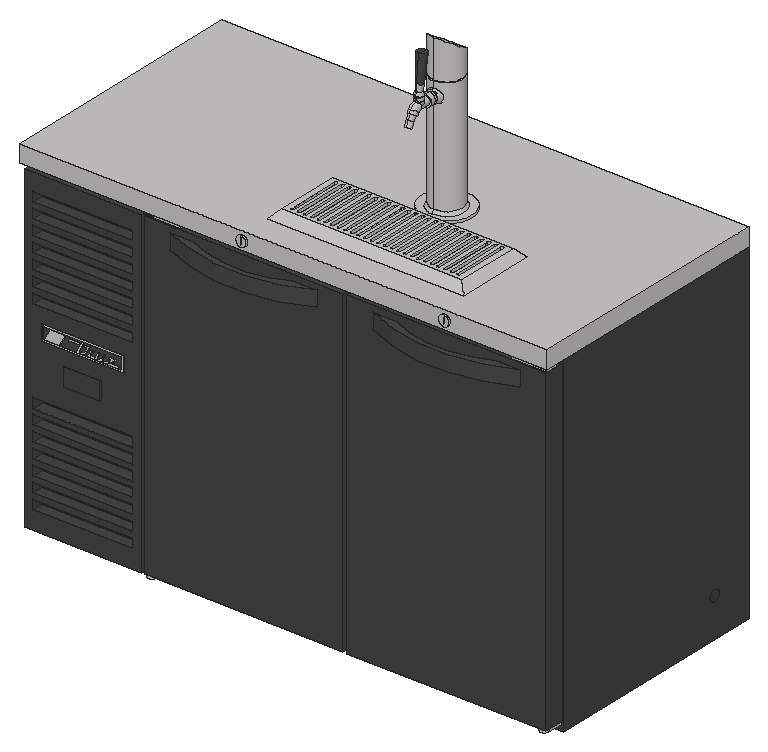
Revit family "QF_TRUE_TDR52-RISZ1-L-B-SS-1", category Specialty Equipment, Revit 2016 (continued)
Definition of nested family "TDR52-RISZ1-L-B-SS-1"
  Lines and regions (in)
    symbolic lines
      curve 109: arc (33.13847, -20.907, 0) -> (32.9666, -21.07887, 0) -> (32.79472, -20.907, 0) r 0.17187
      curve 110: line (33.45097, -20.907, 0) -> (33.45097, -15.64166, 0)
      curve 111: arc (33.45097, -15.64166, 0) -> (33.62285, -15.46978, 0) -> (33.79472, -15.64166, 0) r 0.17187
      curve 112: line (33.79472, -15.64166, 0) -> (33.79472, -20.907, 0)
      curve 113: arc (33.79472, -20.907, 0) -> (33.62285, -21.07887, 0) -> (33.45097, -20.907, 0) r 0.17187
      curve 114: line (34.10722, -20.907, 0) -> (34.10722, -15.64166, 0)
      curve 115: arc (34.10722, -15.64166, 0) -> (34.2791, -15.46978, 0) -> (34.45097, -15.64166, 0) r 0.17187
      curve 116: line (34.45097, -15.64166, 0) -> (34.45097, -20.907, 0)
      curve 117: arc (34.45097, -20.907, 0) -> (34.2791, -21.07887, 0) -> (34.10722, -20.907, 0) r 0.17187
      curve 118: line (34.76347, -20.907, 0) -> (34.76347, -15.64166, 0)
      curve 119: arc (34.76347, -15.64166, 0) -> (34.93535, -15.46978, 0) -> (35.10722, -15.64166, 0) r 0.17187
      curve 120: line (35.10722, -15.64166, 0) -> (35.10722, -20.907, 0)
      curve 121: arc (35.10722, -20.907, 0) -> (34.93535, -21.07887, 0) -> (34.76347, -20.907, 0) r 0.17187
      curve 122: line (35.76347, -15.64166, 0) -> (35.76347, -20.907, 0)
      curve 123: arc (35.76347, -20.907, 0) -> (35.5916, -21.07887, 0) -> (35.41972, -20.907, 0) r 0.17187
      curve 124: line (35.41972, -20.907, 0) -> (35.41972, -15.64166, 0)
      curve 125: arc (35.41972, -15.64166, 0) -> (35.5916, -15.46978, 0) -> (35.76347, -15.64166, 0) r 0.17187
      curve 126: line (36.07597, -15.64166, 0) -> (36.07597, -20.907, 0)
      curve 127: arc (36.07597, -20.907, 0) -> (36.24785, -21.07887, 0) -> (36.41972, -20.907, 0) r 0.17187
      curve 128: line (36.41972, -20.907, 0) -> (36.41972, -15.64166, 0)
      curve 129: arc (36.41972, -15.64166, 0) -> (36.24785, -15.46978, 0) -> (36.07597, -15.64166, 0) r 0.17187
      curve 130: line (36.73222, -20.907, 0) -> (36.73222, -15.64166, 0)
      curve 131: arc (36.73222, -15.64166, 0) -> (36.9041, -15.46978, 0) -> (37.07597, -15.64166, 0) r 0.17187
      curve 132: line (37.07597, -15.64166, 0) -> (37.07597, -20.907, 0)
      curve 133: arc (37.07597, -20.907, 0) -> (36.9041, -21.07887, 0) -> (36.73222, -20.907, 0) r 0.17187
      curve 134: line (37.38847, -20.907, 0) -> (37.38847, -15.64166, 0)
      curve 135: arc (37.38847, -15.64166, 0) -> (37.56035, -15.46978, 0) -> (37.73222, -15.64166, 0) r 0.17187
      curve 136: line (37.73222, -15.64166, 0) -> (37.73222, -20.907, 0)
      curve 137: arc (37.73222, -20.907, 0) -> (37.56035, -21.07887, 0) -> (37.38847, -20.907, 0) r 0.17187
      curve 138: line (38.04472, -20.907, 0) -> (38.04472, -15.64166, 0)
      curve 139: arc (38.04472, -15.64166, 0) -> (38.2166, -15.46978, 0) -> (38.38847, -15.64166, 0) r 0.17187
      curve 140: line (38.38847, -15.64166, 0) -> (38.38847, -20.907, 0)
      curve 141: arc (38.38847, -20.907, 0) -> (38.2166, -21.07887, 0) -> (38.04472, -20.907, 0) r 0.17187
      curve 142: line (38.70097, -20.907, 0) -> (38.70097, -15.64166, 0)
      curve 143: arc (38.70097, -15.64166, 0) -> (38.87285, -15.46978, 0) -> (39.04472, -15.64166, 0) r 0.17187
      curve 144: line (39.04472, -15.64166, 0) -> (39.04472, -20.907, 0)
      curve 145: arc (39.04472, -20.907, 0) -> (38.87285, -21.07887, 0) -> (38.70097, -20.907, 0) r 0.17187
      curve 146: line (39.70097, -15.64166, 0) -> (39.70097, -20.907, 0)
      curve 147: arc (39.70097, -20.907, 0) -> (39.5291, -21.07887, 0) -> (39.35722, -20.907, 0) r 0.17187
      curve 148: line (39.35722, -20.907, 0) -> (39.35722, -15.64166, 0)
      curve 149: arc (39.35722, -15.64166, 0) -> (39.5291, -15.46978, 0) -> (39.70097, -15.64166, 0) r 0.17187
      curve 150: line (40.01347, -15.64166, 0) -> (40.01347, -20.907, 0)
      curve 151: arc (40.01347, -20.907, 0) -> (40.18535, -21.07887, 0) -> (40.35722, -20.907, 0) r 0.17187
      curve 152: line (40.35722, -20.907, 0) -> (40.35722, -15.64166, 0)
      curve 153: arc (40.35722, -15.64166, 0) -> (40.18535, -15.46978, 0) -> (40.01347, -15.64166, 0) r 0.17187
      curve 154: line (22.34983, -22.2153, 0) -> (41.65017, -22.2153, 0)
      curve 155: line (31.61004, -14.80115, 0) -> (31.61004, -15.01934, 0)
      curve 156: line (32.38996, -14.80115, 0) -> (32.38996, -15.01934, 0)
    symbolic lines, not visible
      curve 157: circle (20.96875, -12.11522, 0) r 1.55031 normal (0, 0, 1)
      curve 158: arc (21.61223, -13.73606, 0) -> (20.96875, -10.37132, 0) -> (20.32527, -13.73606, 0) r 1.7439
      curve 159: arc (21.5436, -14.54197, 0) -> (20.96875, -9.62132, 0) -> (20.3939, -14.54197, 0) r 2.4939
      curve 160: line (20.38021, -13.94112, 0) -> (21.55729, -13.94112, 0)
      curve 161: line (21.55729, -13.94112, 0) -> (21.67702, -13.49428, 0)
      curve 162: line (20.38021, -13.94112, 0) -> (20.26048, -13.49428, 0)
      curve 163: line (20.52237, -14.24379, 0) -> (20.52237, -13.94112, 0)
      curve 164: line (21.41513, -14.24379, 0) -> (21.41513, -13.94112, 0)
      curve 165: line (20.42011, -14.24379, 0) -> (21.51739, -14.24379, 0)
      curve 166: line (21.51739, -14.24379, 0) -> (21.55729, -14.69763, 0)
      curve 167: line (21.55729, -14.69763, 0) -> (20.38021, -14.69763, 0)
      curve 168: line (20.38021, -14.69763, 0) -> (20.42011, -14.24379, 0)
      curve 169: circle (20.96875, -15.14453, 0) r 0.45209 normal (0, 0, 1)
      curve 170: line (20.57246, -15.54083, 0) -> (20.57246, -16.26395, 0)
      curve 171: line (21.36504, -15.54083, 0) -> (21.36504, -16.26395, 0)
      curve 172: arc (20.57246, -16.26395, 0) -> (20.96875, -16.66024, 0) -> (21.36504, -16.26395, 0) r 0.39629
      curve 173: arc (20.66949, -16.52374, 0) -> (20.96875, -16.823, 0) -> (21.26801, -16.52374, 0) r 0.29926
      curve 174: line (20.68604, -16.82069, 0) -> (20.68604, -16.6219, 0)
      curve 175: line (21.25146, -16.82069, 0) -> (21.25146, -16.6219, 0)
      curve 176: arc (21.25146, -16.82069, 0) -> (20.96875, -17.10339, 0) -> (20.68604, -16.82069, 0) r 0.28271
      curve 177: arc (21.3439, -15.41312, 0) -> (20.96875, -15.93712, 0) -> (20.5936, -15.41312, 0) r 0.39629
      curve 178: line (20.65805, -15.55736, 0) -> (20.556, -15.32898, 0)
      curve 179: line (21.27945, -15.55736, 0) -> (21.3815, -15.32898, 0)
      curve 180: arc (21.27945, -15.55736, 0) -> (20.96875, -15.75883, 0) -> (20.65805, -15.55736, 0) r 0.34031
      curve 181: line (11.31858, -22.11177, 0) -> (11.31858, -14.26103, 0)
      curve 182: line (11.31858, -14.26103, 0) -> (19.69789, -14.26103, 0)
      curve 183: line (30.61892, -22.11177, 0) -> (30.61892, -14.26103, 0)
      curve 184: line (30.61892, -14.26103, 0) -> (22.23961, -14.26103, 0)
      curve 185: line (29.86892, -15.01103, 0) -> (29.86892, -21.36177, 0)
      curve 186: line (29.86892, -21.36177, 0) -> (12.06858, -21.36177, 0)
      curve 187: line (12.06858, -21.36177, 0) -> (12.06858, -15.01103, 0)
      curve 188: line (12.06858, -15.01103, 0) -> (20.53682, -15.01103, 0)
      curve 189: line (29.86892, -15.01103, 0) -> (21.40068, -15.01103, 0)
      curve 190: line (12.06858, -15.01103, 0) -> (11.31858, -14.26103, 0)
      curve 191: line (29.86892, -15.01103, 0) -> (30.61892, -14.26103, 0)
      curve 192: line (29.86892, -21.36177, 0) -> (30.61892, -22.11177, 0)
      curve 193: line (12.06858, -21.36177, 0) -> (11.31858, -22.11177, 0)
      curve 194: line (12.91972, -15.53813, 0) -> (12.91972, -20.80347, 0)
      curve 195: arc (12.91972, -20.80347, 0) -> (12.74785, -20.97534, 0) -> (12.57597, -20.80347, 0) r 0.17187
      curve 196: line (12.57597, -20.80347, 0) -> (12.57597, -15.53813, 0)
      curve 197: arc (12.57597, -15.53813, 0) -> (12.74785, -15.36625, 0) -> (12.91972, -15.53813, 0) r 0.17187
      curve 198: line (13.23222, -15.53813, 0) -> (13.23222, -20.80347, 0)
      curve 199: arc (13.23222, -20.80347, 0) -> (13.4041, -20.97534, 0) -> (13.57597, -20.80347, 0) r 0.17187
      curve 200: line (13.57597, -20.80347, 0) -> (13.57597, -15.53813, 0)
      curve 201: arc (13.57597, -15.53813, 0) -> (13.4041, -15.36625, 0) -> (13.23222, -15.53813, 0) r 0.17187
      curve 202: line (13.88847, -20.80347, 0) -> (13.88847, -15.53813, 0)
      curve 203: arc (13.88847, -15.53813, 0) -> (14.06035, -15.36625, 0) -> (14.23222, -15.53813, 0) r 0.17187
      curve 204: line (14.23222, -15.53813, 0) -> (14.23222, -20.80347, 0)
      curve 205: arc (14.23222, -20.80347, 0) -> (14.06035, -20.97534, 0) -> (13.88847, -20.80347, 0) r 0.17187
      curve 206: line (14.54472, -20.80347, 0) -> (14.54472, -15.53813, 0)
      curve 207: arc (14.54472, -15.53813, 0) -> (14.7166, -15.36625, 0) -> (14.88847, -15.53813, 0) r 0.17187
      curve 208: line (14.88847, -15.53813, 0) -> (14.88847, -20.80347, 0)
      curve 209: arc (14.88847, -20.80347, 0) -> (14.7166, -20.97534, 0) -> (14.54472, -20.80347, 0) r 0.17187
      curve 210: line (15.20097, -20.80347, 0) -> (15.20097, -15.53813, 0)
      curve 211: arc (15.20097, -15.53813, 0) -> (15.37285, -15.36625, 0) -> (15.54472, -15.53813, 0) r 0.17187
      curve 212: line (15.54472, -15.53813, 0) -> (15.54472, -20.80347, 0)
      curve 213: arc (15.54472, -20.80347, 0) -> (15.37285, -20.97534, 0) -> (15.20097, -20.80347, 0) r 0.17187
      curve 214: line (15.85722, -20.80347, 0) -> (15.85722, -15.53813, 0)
      curve 215: arc (15.85722, -15.53813, 0) -> (16.0291, -15.36625, 0) -> (16.20097, -15.53813, 0) r 0.17187
      curve 216: line (16.20097, -15.53813, 0) -> (16.20097, -20.80347, 0)
      curve 217: arc (16.20097, -20.80347, 0) -> (16.0291, -20.97534, 0) -> (15.85722, -20.80347, 0) r 0.17187
      curve 218: line (16.85722, -15.53813, 0) -> (16.85722, -20.80347, 0)
      curve 219: arc (16.85722, -20.80347, 0) -> (16.68535, -20.97534, 0) -> (16.51347, -20.80347, 0) r 0.17187
      curve 220: line (16.51347, -20.80347, 0) -> (16.51347, -15.53813, 0)
      curve 221: arc (16.51347, -15.53813, 0) -> (16.68535, -15.36625, 0) -> (16.85722, -15.53813, 0) r 0.17187
      curve 222: line (17.16972, -15.53813, 0) -> (17.16972, -20.80347, 0)
      curve 223: arc (17.16972, -20.80347, 0) -> (17.3416, -20.97534, 0) -> (17.51347, -20.80347, 0) r 0.17187
      curve 224: line (17.51347, -20.80347, 0) -> (17.51347, -15.53813, 0)
      curve 225: arc (17.51347, -15.53813, 0) -> (17.3416, -15.36625, 0) -> (17.16972, -15.53813, 0) r 0.17187
      curve 226: line (17.82597, -20.80347, 0) -> (17.82597, -15.53813, 0)
      curve 227: arc (17.82597, -15.53813, 0) -> (17.99785, -15.36625, 0) -> (18.16972, -15.53813, 0) r 0.17187
      curve 228: line (18.16972, -15.53813, 0) -> (18.16972, -20.80347, 0)
      curve 229: arc (18.16972, -20.80347, 0) -> (17.99785, -20.97534, 0) -> (17.82597, -20.80347, 0) r 0.17187
      curve 230: line (18.48222, -20.80347, 0) -> (18.48222, -15.53813, 0)
      curve 231: arc (18.48222, -15.53813, 0) -> (18.6541, -15.36625, 0) -> (18.82597, -15.53813, 0) r 0.17187
      curve 232: line (18.82597, -15.53813, 0) -> (18.82597, -20.80347, 0)
      curve 233: arc (18.82597, -20.80347, 0) -> (18.6541, -20.97534, 0) -> (18.48222, -20.80347, 0) r 0.17187
      curve 234: line (19.13847, -20.80347, 0) -> (19.13847, -15.53813, 0)
      curve 235: arc (19.13847, -15.53813, 0) -> (19.31035, -15.36625, 0) -> (19.48222, -15.53813, 0) r 0.17187
      curve 236: line (19.48222, -15.53813, 0) -> (19.48222, -20.80347, 0)
      curve 237: arc (19.48222, -20.80347, 0) -> (19.31035, -20.97534, 0) -> (19.13847, -20.80347, 0) r 0.17187
      curve 238: line (19.79472, -20.80347, 0) -> (19.79472, -15.53813, 0)
      curve 239: arc (19.79472, -15.53813, 0) -> (19.9666, -15.36625, 0) -> (20.13847, -15.53813, 0) r 0.17187
      curve 240: line (20.13847, -15.53813, 0) -> (20.13847, -20.80347, 0)
      curve 241: arc (20.13847, -20.80347, 0) -> (19.9666, -20.97534, 0) -> (19.79472, -20.80347, 0) r 0.17187
      curve 242: line (20.79472, -17.04348, 0) -> (20.79472, -20.80347, 0)
      curve 243: arc (20.79472, -20.80347, 0) -> (20.62285, -20.97534, 0) -> (20.45097, -20.80347, 0) r 0.17187
      curve 244: line (20.45097, -20.80347, 0) -> (20.45097, -15.53813, 0)
      curve 245: arc (20.45097, -15.53813, 0) -> (20.48562, -15.43463, 0) -> (20.57561, -15.37287, 0) r 0.17187
      curve 246: line (21.10722, -17.06716, 0) -> (21.10722, -20.80347, 0)
      curve 247: arc (21.10722, -20.80347, 0) -> (21.2791, -20.97534, 0) -> (21.45097, -20.80347, 0) r 0.17187
      curve 248: line (21.45097, -20.80347, 0) -> (21.45097, -15.53813, 0)
      curve 249: arc (21.45097, -15.53813, 0) -> (21.42549, -15.44807, 0) -> (21.3566, -15.38472, 0) r 0.17187
      curve 250: line (21.76347, -20.80347, 0) -> (21.76347, -15.53813, 0)
      curve 251: arc (21.76347, -15.53813, 0) -> (21.93535, -15.36625, 0) -> (22.10722, -15.53813, 0) r 0.17187
      curve 252: line (22.10722, -15.53813, 0) -> (22.10722, -20.80347, 0)
      curve 253: arc (22.10722, -20.80347, 0) -> (21.93535, -20.97534, 0) -> (21.76347, -20.80347, 0) r 0.17187
      curve 254: line (22.41972, -20.80347, 0) -> (22.41972, -15.53813, 0)
      curve 255: arc (22.41972, -15.53813, 0) -> (22.5916, -15.36625, 0) -> (22.76347, -15.53813, 0) r 0.17187
      curve 256: line (22.76347, -15.53813, 0) -> (22.76347, -20.80347, 0)
      curve 257: arc (22.76347, -20.80347, 0) -> (22.5916, -20.97534, 0) -> (22.41972, -20.80347, 0) r 0.17187
      curve 258: line (23.07597, -20.80347, 0) -> (23.07597, -15.53813, 0)
      curve 259: arc (23.07597, -15.53813, 0) -> (23.24785, -15.36625, 0) -> (23.41972, -15.53813, 0) r 0.17187
      curve 260: line (23.41972, -15.53813, 0) -> (23.41972, -20.80347, 0)
      curve 261: arc (23.41972, -20.80347, 0) -> (23.24785, -20.97534, 0) -> (23.07597, -20.80347, 0) r 0.17187
      curve 262: line (23.73222, -20.80347, 0) -> (23.73222, -15.53813, 0)
      curve 263: arc (23.73222, -15.53813, 0) -> (23.9041, -15.36625, 0) -> (24.07597, -15.53813, 0) r 0.17187
      curve 264: line (24.07597, -15.53813, 0) -> (24.07597, -20.80347, 0)
      curve 265: arc (24.07597, -20.80347, 0) -> (23.9041, -20.97534, 0) -> (23.73222, -20.80347, 0) r 0.17187
      curve 266: line (24.73222, -15.53813, 0) -> (24.73222, -20.80347, 0)
      curve 267: arc (24.73222, -20.80347, 0) -> (24.56035, -20.97534, 0) -> (24.38847, -20.80347, 0) r 0.17187
      curve 268: line (24.38847, -20.80347, 0) -> (24.38847, -15.53813, 0)
      curve 269: arc (24.38847, -15.53813, 0) -> (24.56035, -15.36625, 0) -> (24.73222, -15.53813, 0) r 0.17187
      curve 270: line (25.04472, -15.53813, 0) -> (25.04472, -20.80347, 0)
      curve 271: arc (25.04472, -20.80347, 0) -> (25.2166, -20.97534, 0) -> (25.38847, -20.80347, 0) r 0.17187
      curve 272: line (25.38847, -20.80347, 0) -> (25.38847, -15.53813, 0)
      curve 273: arc (25.38847, -15.53813, 0) -> (25.2166, -15.36625, 0) -> (25.04472, -15.53813, 0) r 0.17187
      curve 274: line (25.70097, -20.80347, 0) -> (25.70097, -15.53813, 0)
      curve 275: arc (25.70097, -15.53813, 0) -> (25.87285, -15.36625, 0) -> (26.04472, -15.53813, 0) r 0.17187
      curve 276: line (26.04472, -15.53813, 0) -> (26.04472, -20.80347, 0)
      curve 277: arc (26.04472, -20.80347, 0) -> (25.87285, -20.97534, 0) -> (25.70097, -20.80347, 0) r 0.17187
      curve 278: line (26.35722, -20.80347, 0) -> (26.35722, -15.53813, 0)
      curve 279: arc (26.35722, -15.53813, 0) -> (26.5291, -15.36625, 0) -> (26.70097, -15.53813, 0) r 0.17187
      curve 280: line (26.70097, -15.53813, 0) -> (26.70097, -20.80347, 0)
      curve 281: arc (26.70097, -20.80347, 0) -> (26.5291, -20.97534, 0) -> (26.35722, -20.80347, 0) r 0.17187
      curve 282: line (27.01347, -20.80347, 0) -> (27.01347, -15.53813, 0)
      curve 283: arc (27.01347, -15.53813, 0) -> (27.18535, -15.36625, 0) -> (27.35722, -15.53813, 0) r 0.17187
      curve 284: line (27.35722, -15.53813, 0) -> (27.35722, -20.80347, 0)
      curve 285: arc (27.35722, -20.80347, 0) -> (27.18535, -20.97534, 0) -> (27.01347, -20.80347, 0) r 0.17187
      curve 286: line (27.66972, -20.80347, 0) -> (27.66972, -15.53813, 0)
      curve 287: arc (27.66972, -15.53813, 0) -> (27.8416, -15.36625, 0) -> (28.01347, -15.53813, 0) r 0.17187
      curve 288: line (28.01347, -15.53813, 0) -> (28.01347, -20.80347, 0)
      curve 289: arc (28.01347, -20.80347, 0) -> (27.8416, -20.97534, 0) -> (27.66972, -20.80347, 0) r 0.17187
      curve 290: line (28.66972, -15.53813, 0) -> (28.66972, -20.80347, 0)
      curve 291: arc (28.66972, -20.80347, 0) -> (28.49785, -20.97534, 0) -> (28.32597, -20.80347, 0) r 0.17187
      curve 292: line (28.32597, -20.80347, 0) -> (28.32597, -15.53813, 0)
      curve 293: arc (28.32597, -15.53813, 0) -> (28.49785, -15.36625, 0) -> (28.66972, -15.53813, 0) r 0.17187
      curve 294: line (28.98222, -15.53813, 0) -> (28.98222, -20.80347, 0)
      curve 295: arc (28.98222, -20.80347, 0) -> (29.1541, -20.97534, 0) -> (29.32597, -20.80347, 0) r 0.17187
      curve 296: line (29.32597, -20.80347, 0) -> (29.32597, -15.53813, 0)
      curve 297: arc (29.32597, -15.53813, 0) -> (29.1541, -15.36625, 0) -> (28.98222, -15.53813, 0) r 0.17187
      curve 298: line (11.31858, -22.11177, 0) -> (30.61892, -22.11177, 0)
      curve 299: line (20.57879, -14.69763, 0) -> (20.57879, -14.91581, 0)
      curve 300: line (21.35871, -14.69763, 0) -> (21.35871, -14.91581, 0)
  Dimensions and locks (in)
    equal spacing: plane 3 "LEFT", plane 7 "Center Y", plane 4 "RIGHT"
    "Length": plane 3 "LEFT" to plane 4 "RIGHT"
    equal spacing: plane 5 "FRONT", plane 8 "Center X", plane 1 "BACK"
    "Depth": plane 5 "FRONT" to plane 1 "BACK"
    "Height": plane 6 "TOP" to level
    plane 3 "LEFT" to plane 4 "RIGHT" = 52"
    plane 5 "FRONT" to plane 1 "BACK" = 26 3/8"
    plane 9 to plane 1 "BACK" = 24 27/32"
    plane 10 to plane 1 "BACK" = 24 21/32"
    plane 11 to plane 1 "BACK" = 43 19/32"
    Extrusion 4 to Extrusion 4 = 11 19/32"
    Extrusion 5 to Extrusion 5 = 19 5/8"  (x2)
    Extrusion 29 sketch curve to plane 4 "RIGHT" = 7 3/4"
    Extrusion 29 sketch curve to plane 1 "BACK" = 4 11/32"
    plane 3 "LEFT" to Extrusion 29 sketch curve = 16 3/4"
    Extrusion 29 sketch curve to plane 1 "BACK" = 4 31/32"
    Extrusion 28 sketch curve to plane 3 "LEFT" = 6"
    plane 2 to Extrusion 28 sketch curve = 18 1/2"
    plane 1 "BACK" to plane 13 = 12 7/32"
    plane 12 to plane 4 "RIGHT" = 20"
    plane 14 to plane 6 "TOP" = 15 3/4"
    aligned and locked: level to plane 2
  Automatic sketch dimensions
    Extrusion 1 sketch curve to plane 9 = 0"
    Extrusion 1 sketch curve to plane 1 "BACK" = 0"
    Extrusion 1 sketch curve to plane 6 "TOP" = 0"
    Extrusion 1 sketch curve to plane 6 "TOP" = 1 3/4"
    Extrusion 2 sketch curve to level = 0"
    Extrusion 2 sketch curve to plane 3 "LEFT" = 0"
    level to Extrusion 2 sketch curve = 25/32"
    plane 3 "LEFT" to Extrusion 2 sketch curve = 12 3/32"
    plane 4 "RIGHT" to Extrusion 2 sketch curve = 1/4"
    Extrusion 2 sketch curve to Extrusion 2 sketch curve = 1/4"
    Extrusion 2 sketch curve to plane 6 "TOP" = 2 7/32"
    Extrusion 2 sketch curve to plane 6 "TOP" = 1 3/4"
    Extrusion 3 sketch curve to Extrusion 2 = 0"  (x3)
    Extrusion 2 to Extrusion 3 sketch curve = 0"
    Extrusion 4 sketch curve to Extrusion 2 = 0"  (x2)
    Extrusion 4 sketch curve to Extrusion 2 = 1/4"  (x2)
    Extrusion 4 sketch curve to Extrusion 2 = 1 1/8"  (x8)
    Extrusion 4 sketch curve to Extrusion 4 sketch curve = 0"  (x20)
    Extrusion 2 to Extrusion 4 sketch curve = 1.78584"
    Extrusion 4 sketch curve to Extrusion 4 sketch curve = 1"  (x14)
    Extrusion 4 sketch curve to Extrusion 4 sketch curve = 1/2"  (x12)
    Extrusion 4 sketch curve to Extrusion 4 sketch curve = 8 1/4"
    Extrusion 5 sketch curve to Extrusion 2 = 0"  (x5)
    Extrusion 2 to Extrusion 5 sketch curve = 0"
    Extrusion 5 sketch curve to Extrusion 5 sketch curve = 13/32"
    Extrusion 4 to Extrusion 6 sketch curve = 3 1/8"  (x2)
    Extrusion 6 sketch curve to Extrusion 4 = 2.05764"
    Extrusion 6 sketch curve to Extrusion 6 sketch curve = 1 3/4"
    Extrusion 7 sketch curve to Extrusion 1 = 0.53256"  (x2)
    Extrusion 7 sketch curve to Extrusion 7 sketch curve = 0.31172"  (x2)
    Extrusion 7 sketch curve to Extrusion 7 sketch curve = 0.33003"  (x2)
    Extrusion 1 to Extrusion 7 sketch curve = 9.98543"
    Extrusion 7 sketch curve to Extrusion 7 sketch curve = 0.07707"  (x2)
    Extrusion 7 sketch curve to Extrusion 7 sketch curve = 0.1397"  (x2)
    Extrusion 7 sketch curve to Extrusion 7 sketch curve = 19.89155"
    Extrusion 8 sketch curve to Extrusion 2 = 1.28286"  (x4)
    Extrusion 8 sketch curve to Extrusion 8 sketch curve = 0"  (x20)
    Extrusion 8 sketch curve to Extrusion 2 = 0.96714"  (x4)
    Extrusion 2 to Extrusion 8 sketch curve = 1.78584"
    Extrusion 8 sketch curve to Extrusion 8 sketch curve = 1"  (x14)
    Extrusion 8 sketch curve to Extrusion 8 sketch curve = 1/2"  (x12)
    Extrusion 8 sketch curve to Extrusion 8 sketch curve = 8 1/4"
    plane 10 to Extrusion 9 sketch curve = 0.08877"
    Extrusion 9 sketch curve to plane 7 "Center Y" = 12.93382"
    Extrusion 9 sketch curve to plane 10 = 1.87998"
    Extrusion 9 sketch curve to Extrusion 9 sketch curve = 0.03436"
    Extrusion 9 sketch curve to Extrusion 9 sketch curve = 0.53832"
    Extrusion 9 sketch curve to Extrusion 9 sketch curve = 0.91779"
    Extrusion 9 sketch curve to Extrusion 9 sketch curve = 0.4482"
    Extrusion 9 sketch curve to plane 10 = 0.44246"
    Extrusion 10 sketch curve to Extrusion 10 sketch curve = 0"  (x2)
    Extrusion 10 sketch curve to plane 10 = 1.87998"
    Extrusion 10 sketch curve to plane 10 = 0.42963"
    Extrusion 10 sketch curve to plane 10 = 0.42214"  (x2)
    plane 3 "LEFT" to Extrusion 10 sketch curve = 12 3/32"
    Extrusion 10 sketch curve to Extrusion 10 sketch curve = 0.02963"
    Extrusion 10 sketch curve to Extrusion 10 sketch curve = 0.42957"
    Extrusion 10 sketch curve to Extrusion 10 sketch curve = 0.91839"
    Extrusion 11 sketch curve to plane 10 = 0.42963"
    plane 3 "LEFT" to Extrusion 11 sketch curve = 12.55295"
    Extrusion 12 sketch curve to plane 10 = 0.15862"
    Extrusion 12 sketch curve to plane 7 "Center Y" = 10.44115"
    Extrusion 12 sketch curve to Extrusion 12 sketch curve = 0.37938"
    Extrusion 12 sketch curve to Extrusion 12 sketch curve = 1"
    Extrusion 12 sketch curve to plane 10 = 0.66383"
    Extrusion 12 sketch curve to Extrusion 12 sketch curve = 1.65026"
    Extrusion 12 sketch curve to Extrusion 12 sketch curve = 0.43546"
    Extrusion 12 sketch curve to Extrusion 12 sketch curve = 0.51683"
    Extrusion 12 sketch curve to plane 10 = 0.67545"
    Extrusion 12 sketch curve to Extrusion 12 sketch curve = 0.5459"
    Extrusion 13 sketch curve to plane 10 = 0.67545"  (x2)
    Extrusion 13 sketch curve to plane 7 "Center Y" = 10.82053"
    Extrusion 13 sketch curve to Extrusion 13 sketch curve = 1"
    Extrusion 14 sketch curve to Extrusion 14 sketch curve = 0"  (x2)
    Extrusion 14 sketch curve to plane 10 = 1.87998"
    Extrusion 14 sketch curve to plane 10 = 0.42963"
    Extrusion 14 sketch curve to plane 10 = 0.42214"  (x2)
    plane 3 "LEFT" to Extrusion 14 sketch curve = 12 3/32"
    Extrusion 14 sketch curve to Extrusion 14 sketch curve = 0.02963"
    Extrusion 14 sketch curve to Extrusion 14 sketch curve = 0.42957"
    Extrusion 14 sketch curve to Extrusion 14 sketch curve = 0.91839"
    Extrusion 15 sketch curve to plane 10 = 0.42963"
    plane 3 "LEFT" to Extrusion 15 sketch curve = 12.55295"
    Extrusion 16 sketch curve to Extrusion 16 sketch curve = 0"  (x2)
    Extrusion 16 sketch curve to plane 10 = 0.66383"
    plane 3 "LEFT" to Extrusion 16 sketch curve = 12.52785"
    Extrusion 16 sketch curve to Extrusion 16 sketch curve = 1/4"
    plane 10 to Extrusion 17 sketch curve = 0.08877"
    plane 4 "RIGHT" to Extrusion 17 sketch curve = 1.22243"
    Extrusion 17 sketch curve to plane 10 = 1.87998"
    Extrusion 17 sketch curve to Extrusion 17 sketch curve = 0.03436"
    Extrusion 17 sketch curve to Extrusion 17 sketch curve = 0.53832"
    Extrusion 17 sketch curve to Extrusion 17 sketch curve = 0.91779"
    Extrusion 17 sketch curve to Extrusion 17 sketch curve = 0.4482"
    Extrusion 17 sketch curve to plane 10 = 0.44246"
    Extrusion 18 sketch curve to Extrusion 18 sketch curve = 0"  (x2)
    Extrusion 18 sketch curve to plane 10 = 0.42214"  (x2)
    Extrusion 18 sketch curve to Extrusion 18 sketch curve = 0.0075"
    Extrusion 18 sketch curve to Extrusion 18 sketch curve = 1.45784"
    plane 4 "RIGHT" to Extrusion 18 sketch curve = 1/4"
    Extrusion 18 sketch curve to Extrusion 18 sketch curve = 0.02963"
    Extrusion 18 sketch curve to Extrusion 18 sketch curve = 0.42957"
    Extrusion 18 sketch curve to Extrusion 18 sketch curve = 0.91839"
    Extrusion 19 sketch curve to plane 10 = 0.42963"
    plane 4 "RIGHT" to Extrusion 19 sketch curve = 0.7092"
    Extrusion 20 sketch curve to plane 10 = 0.15862"
    plane 4 "RIGHT" to Extrusion 20 sketch curve = 3.7151"
    Extrusion 20 sketch curve to Extrusion 20 sketch curve = 0.37938"
    Extrusion 20 sketch curve to Extrusion 20 sketch curve = 1"
    Extrusion 20 sketch curve to plane 10 = 0.66383"
    Extrusion 20 sketch curve to Extrusion 20 sketch curve = 1.65026"
    Extrusion 20 sketch curve to Extrusion 20 sketch curve = 0.43546"
    Extrusion 20 sketch curve to plane 10 = 0.67545"
    Extrusion 20 sketch curve to Extrusion 20 sketch curve = 0.51683"
    Extrusion 20 sketch curve to Extrusion 20 sketch curve = 0.53428"
    Extrusion 21 sketch curve to plane 10 = 0.67545"  (x2)
    plane 4 "RIGHT" to Extrusion 21 sketch curve = 3.33572"
    Extrusion 21 sketch curve to Extrusion 21 sketch curve = 1"
    Extrusion 22 sketch curve to Extrusion 22 sketch curve = 0"  (x2)
    Extrusion 22 sketch curve to plane 10 = 0.42214"  (x2)
    Extrusion 22 sketch curve to Extrusion 22 sketch curve = 0.0075"
    Extrusion 22 sketch curve to Extrusion 22 sketch curve = 1.45784"
    plane 4 "RIGHT" to Extrusion 22 sketch curve = 1/4"
    Extrusion 22 sketch curve to Extrusion 22 sketch curve = 0.02963"
    Extrusion 22 sketch curve to Extrusion 22 sketch curve = 0.42957"
    Extrusion 22 sketch curve to Extrusion 22 sketch curve = 0.91839"
    Extrusion 23 sketch curve to plane 10 = 0.42963"
    plane 4 "RIGHT" to Extrusion 23 sketch curve = 0.7092"
    Extrusion 24 sketch curve to Extrusion 24 sketch curve = 0"  (x2)
    Extrusion 24 sketch curve to plane 10 = 0.66383"
    plane 4 "RIGHT" to Extrusion 24 sketch curve = 0.6841"
    Extrusion 24 sketch curve to Extrusion 24 sketch curve = 1/4"
    plane 10 to Extrusion 25 sketch curve = 0"  (x4)
    plane 4 "RIGHT" to Extrusion 25 sketch curve = 2.80044"
    plane 4 "RIGHT" to Extrusion 25 sketch curve = 5.07085"
    plane 7 "Center Y" to Extrusion 25 sketch curve = 3.16831"
    Extrusion 25 sketch curve to Extrusion 25 sketch curve = 2.2704"
    Extrusion 25 sketch curve to plane 7 "Center Y" = 4 3/32"  (x2)
    Extrusion 25 sketch curve to plane 8 "Center X" = 2.09836"  (x2)
    plane 8 "Center X" to Extrusion 25 sketch curve = 2.77087"  (x2)
    plane 4 "RIGHT" to Extrusion 25 sketch curve = 10 1/16"
    Extrusion 25 sketch curve to Extrusion 25 sketch curve = 0"
    Extrusion 27 sketch curve to level = 0"
    Extrusion 27 sketch curve to plane 3 "LEFT" = 0"
    plane 3 "LEFT" to Extrusion 27 sketch curve = 10 31/32"
    Extrusion 27 sketch curve to plane 6 "TOP" = 15 1/4"
    Extrusion 28 sketch curve to Extrusion 28 sketch curve = 0"
    Extrusion 28 sketch curve to Extrusion 28 sketch curve = 3 1/4"
    plane 1 "BACK" to Extrusion 26 sketch curve = 4 5/16"
    level to Extrusion 26 sketch curve = 3 31/32"
    plane 10 to Extrusion 30 sketch curve = 0"  (x2)
    Extrusion 30 sketch curve to plane 11 = 0"  (x2)
    plane 3 "LEFT" to Extrusion 30 sketch curve = 12 3/32"
    Extrusion 30 sketch curve to Extrusion 30 sketch curve = 0.14072"
    plane 7 "Center Y" to Extrusion 30 sketch curve = 5 23/32"
    Extrusion 30 sketch curve to Extrusion 30 sketch curve = 13/32"
    plane 4 "RIGHT" to Extrusion 30 sketch curve = 0.39072"
    plane 4 "RIGHT" to Extrusion 30 sketch curve = 1/4"
    curve 11 to plane 3 "LEFT" = 0"
    curve 1 to plane 9 = 0"
    plane 1 "BACK" to curve 8 = 0"
    curve 8 to plane 4 "RIGHT" = 0"
    curve 3 to plane 10 = 0.55415"
    curve 5 to plane 7 "Center Y" = 4 3/32"
    curve 4 to plane 7 "Center Y" = 4 3/32"
    plane 7 "Center Y" to curve 1 = 2.74756"
    plane 8 "Center X" to curve 6 = 2.77087"
    plane 4 "RIGHT" to curve 6 = 10 1/16"
    curve 7 to plane 8 "Center X" = 2.09836"
    curve 7 to curve 6 = 0"
    plane 4 "RIGHT" to curve 2 = 0.39072"
    plane 5 "FRONT" to curve 1 = 8.08383"
    curve 2 to plane 10 = 0.55415"
    curve 5 to plane 8 "Center X" = 2.09836"
    plane 8 "Center X" to curve 4 = 2.77087"
    curve 1 to curve 3 = 0.14072"
    curve 3 to curve 4 = 2.78974"
    curve 4 to curve 5 = 2.25953"
    curve 3 to curve 2 = 0.41872"
    curve 3 to curve 12 = 6.34862"
    curve 2 to curve 6 = 2.92422"
    curve 6 to curve 7 = 2.25953"
    plane 4 "RIGHT" to curve 12 = 1/4"
    curve 3 to curve 12 = 0"
    Revolve 31 sketch curve to Revolve 31 sketch curve = 0"  (x2)
    Revolve 31 sketch curve to Revolve 31 sketch curve = 0.1161"
    Revolve 31 sketch curve to Revolve 31 sketch curve = 0.12521"
    Revolve 31 sketch curve to Revolve 31 sketch curve = 3.71859"
    Revolve 31 sketch curve to Revolve 31 sketch curve = 0.04988"
    Revolve 31 sketch curve to Revolve 31 sketch curve = 2.20608"
    Blend 32 sketch curve to Blend 32 sketch curve = 7.85075"
    Blend 32 sketch curve to Blend 32 sketch curve = 6.35075"
    Revolve 31 sketch curve to Revolve 31 sketch curve = 0.33531"
    Revolve 31 sketch curve to Revolve 31 sketch curve = 11.35384"
    Extrusion 33 sketch curve to Blend 32 = 0.54295"
    Extrusion 33 sketch curve to Extrusion 33 sketch curve = 11/64"  (x26)
    Extrusion 33 sketch curve to Extrusion 33 sketch curve = 5/16"  (x25)
    Extrusion 33 sketch curve to Blend 32 = 0.5583"
    Extrusion 33 sketch curve to Extrusion 33 sketch curve = 0"  (x50)
    Extrusion 33 sketch curve to Blend 32 = 0.5271"
    Extrusion 34 sketch curve to Extrusion 34 sketch curve = 2.64797"
    Revolve 35 sketch curve to Revolve 35 sketch curve = 0.45383"
    Revolve 35 sketch curve to Revolve 35 sketch curve = 0.30267"
    Revolve 35 sketch curve to Revolve 35 sketch curve = 0.7136"
    Revolve 35 sketch curve to Revolve 35 sketch curve = 0.44638"
    Revolve 35 sketch curve to Revolve 35 sketch curve = 0.10226"
    Revolve 35 sketch curve to Revolve 35 sketch curve = 0.0399"
    Revolve 35 sketch curve to Revolve 35 sketch curve = 0.14216"
    Revolve 35 sketch curve to Revolve 35 sketch curve = 0.21108"
    Sweep 36 sketch curve to Sweep 36 sketch curve = 0.36485"
    Sweep 36 sketch curve to Sweep 36 sketch curve = 0.15173"
    Sweep 36 sketch curve to Sweep 36 sketch curve = 1.09705"
    Sweep 36 sketch curve to profile plane = 0"  (x2)
    Revolve 37 sketch curve to Revolve 37 sketch curve = 0.24452"
    Revolve 37 sketch curve to Revolve 37 sketch curve = 0.08151"
    Revolve 37 sketch curve to Revolve 37 sketch curve = 0"  (x2)
    Revolve 38 sketch curve to Revolve 38 sketch curve = 0.0378"
    Revolve 38 sketch curve to Revolve 38 sketch curve = 0.07821"  (x2)
    Revolve 38 sketch curve to Revolve 38 sketch curve = 0.31808"
    Revolve 38 sketch curve to Revolve 38 sketch curve = 0.35985"
    Revolve 38 sketch curve to Revolve 38 sketch curve = 0.06546"
    Revolve 38 sketch curve to Revolve 38 sketch curve = 1/4"
    Revolve 38 sketch curve to Revolve 38 sketch curve = 0"
    Revolve 38 sketch curve to Revolve 38 sketch curve = 0.15886"
    Revolve 38 sketch curve to Revolve 38 sketch curve = 0.05098"
    Revolve 39 sketch curve to Revolve 39 sketch curve = 0.13605"
    Revolve 39 sketch curve to Revolve 39 sketch curve = 0.01692"
    Revolve 39 sketch curve to Revolve 39 sketch curve = 0.1398"
    Revolve 39 sketch curve to Revolve 39 sketch curve = 0.06683"
    Revolve 39 sketch curve to Revolve 39 sketch curve = 0.24021"
    Revolve 39 sketch curve to Revolve 39 sketch curve = 0.16424"
    Revolve 39 sketch curve to Revolve 39 sketch curve = 0.44941"
    Revolve 39 sketch curve to Revolve 39 sketch curve = 0.0143"
    Revolve 39 sketch curve to Revolve 39 sketch curve = 0.27357"
    Revolve 39 sketch curve to Revolve 39 sketch curve = 0.01543"
    Revolve 39 sketch curve to Revolve 39 sketch curve = 0.01213"
    Revolve 39 sketch curve to Revolve 39 sketch curve = 0"  (x2)
    Revolve 39 sketch curve to Revolve 39 sketch curve = 0.11538"
    Revolve 31 sketch curve to Revolve 31 sketch curve = 3/4"
    Revolve 31 sketch curve to Revolve 31 sketch curve = 0.19359"
    Revolve 31 sketch curve to Revolve 31 sketch curve = 1.55031"
    Revolve 31 sketch curve to Revolve 31 sketch curve = 0.21704"
    Blend 32 sketch curve to Blend 32 sketch curve = 19.30033"
    Blend 32 sketch curve to Blend 32 sketch curve = 17.80033"
    Extrusion 34 sketch curve to Extrusion 34 sketch curve = 4.07751"
    Revolve 35 sketch curve to Revolve 35 sketch curve = 68.08657"
    Revolve 35 sketch curve to Revolve 35 sketch curve = 100.7997"
    Revolve 35 sketch curve to Revolve 35 sketch curve = 0"
    Sweep 36 sketch curve to Sweep 36 sketch curve = 0.21065"
    Sweep 36 sketch curve to Sweep 36 sketch curve = 0.26281"
    Revolve 37 sketch curve to Revolve 37 sketch curve = 0.29675"
    Revolve 37 sketch curve to Revolve 37 sketch curve = 0.00598"
    Revolve 37 sketch curve to Revolve 37 sketch curve = 0.29779"
    Revolve 37 sketch curve to Revolve 37 sketch curve = 0.14117"  (x2)
    Revolve 39 sketch curve to Revolve 39 sketch curve = 0.05569"
    curve 13 to curve 14 = 0"  (x3)
    curve 13 to curve 15 = 0"  (x4)
    curve 14 to curve 15 = 0"  (x3)
    curve 37 to curve 49 = 3/4"
    curve 42 to curve 52 = 0.50739"
    curve 51 to curve 51 = 11/64"
    curve 53 to curve 54 = 5/16"
    curve 55 to curve 55 = 11/64"
    curve 55 to curve 58 = 5/16"
    curve 59 to curve 59 = 11/64"
    curve 59 to curve 62 = 5/16"
    curve 65 to curve 65 = 11/64"
    curve 65 to curve 66 = 5/16"
    curve 69 to curve 69 = 11/64"
    curve 68 to curve 70 = 5/16"
    curve 70 to curve 73 = 11/64"
    curve 72 to curve 76 = 5/16"
    curve 76 to curve 75 = 11/64"
    curve 74 to curve 78 = 5/16"
    curve 78 to curve 79 = 11/64"
    curve 80 to curve 82 = 5/16"
    curve 82 to curve 83 = 11/64"
    curve 84 to curve 86 = 5/16"
    curve 87 to curve 87 = 11/64"
    curve 88 to curve 90 = 5/16"
    curve 90 to curve 91 = 11/64"
    curve 92 to curve 94 = 5/16"
    curve 94 to curve 97 = 11/64"
    curve 96 to curve 18 = 0.24174"
    curve 24 to curve 16 = 0"
    curve 16 to curve 24 = 0.0399"
    curve 96 to curve 100 = 5/16"
    curve 100 to curve 26 = 0.12149"
    curve 99 to curve 99 = 11/64"
    curve 26 to curve 101 = 0.05039"
    curve 101 to curve 34 = 0.03521"
    curve 30 to curve 98 = 0.10868"
    curve 36 to curve 33 = 0.3107"
    curve 98 to curve 32 = 0.17403"
    curve 16 to curve 14 = 0.58854"
    curve 36 to curve 33 = 0"
    curve 25 to curve 36 = 0"
    curve 98 to curve 102 = 5/16"
    curve 103 to curve 103 = 11/64"
    curve 105 to curve 27 = 11/128"
    curve 105 to curve 35 = 0.00035"
    curve 25 to curve 21 = 0.54864"
    curve 21 to curve 22 = 0.0399"
    curve 21 to curve 17 = 0.0399"
    curve 104 to curve 106 = 5/16"
    curve 109 to curve 109 = 11/64"
    curve 108 to curve 110 = 5/16"
    curve 111 to curve 111 = 11/64"
    curve 112 to curve 114 = 5/16"
    curve 115 to curve 115 = 11/64"
    curve 115 to curve 118 = 5/16"
    curve 119 to curve 119 = 11/64"
    curve 121 to curve 124 = 5/16"
    curve 123 to curve 123 = 11/64"
    curve 123 to curve 126 = 5/16"
    curve 126 to curve 127 = 11/64"
    curve 128 to curve 130 = 5/16"
    curve 133 to curve 133 = 11/64"
    curve 131 to curve 134 = 5/16"
    curve 134 to curve 135 = 11/64"
    curve 136 to curve 138 = 5/16"
    curve 139 to curve 139 = 11/64"
    curve 139 to curve 142 = 5/16"
    curve 142 to curve 145 = 11/64"
    curve 144 to curve 148 = 5/16"
    curve 149 to curve 149 = 11/64"
    curve 149 to curve 150 = 5/16"
    curve 150 to curve 151 = 11/64"
    curve 152 to curve 47 = 0.54295"
    curve 41 to curve 154 = 3/4"
    curve 39 to curve 42 = 3/4"
    curve 41 to curve 150 = 0.5583"
    curve 130 to curve 151 = 0"
    curve 128 to curve 130 = 0"  (x2)
    curve 148 to curve 151 = 0"
    curve 124 to curve 127 = 0"
    curve 121 to curve 124 = 0"
    curve 117 to curve 118 = 0"
    curve 113 to curve 114 = 0"
    curve 141 to curve 148 = 0"
    curve 109 to curve 110 = 0"
    curve 145 to curve 148 = 0"
    curve 104 to curve 106 = 0"  (x2)
    curve 133 to curve 137 = 0"
    curve 100 to curve 102 = 0"
    curve 42 to curve 50 = 0.5583"
    curve 97 to curve 100 = 0"
    curve 51 to curve 54 = 0"
    curve 93 to curve 97 = 0"
    curve 55 to curve 58 = 0"
    curve 89 to curve 90 = 0"
    curve 61 to curve 62 = 0"
    curve 85 to curve 86 = 0"
    curve 65 to curve 66 = 0"
    curve 80 to curve 85 = 0"
    curve 68 to curve 70 = 0"  (x2)
    curve 72 to curve 76 = 0"
    curve 102 to curve 32 = 3.98278"
    curve 32 to curve 29 = 0.29695"
    curve 29 to curve 28 = 0.25979"
    curve 28 to curve 35 = 0.70659"
    curve 36 to curve 33 = 0.01653"
    curve 34 to curve 86 = 0.01923"
    curve 60 to curve 62 = 0"
    curve 88 to curve 90 = 0"
    curve 57 to curve 58 = 0"
    curve 92 to curve 94 = 0"
    curve 53 to curve 54 = 0"
    curve 63 to curve 66 = 0"
    curve 142 to curve 142 = 5.26534"
    curve 84 to curve 86 = 0"
    curve 34 to curve 100 = 0.01923"
    curve 138 to curve 143 = 0"
    curve 35 to curve 104 = 0.01923"
    curve 135 to curve 138 = 0"
    curve 108 to curve 110 = 0"
    curve 81 to curve 83 = 0"
    curve 112 to curve 114 = 0"
    curve 115 to curve 118 = 0"
    curve 72 to curve 77 = 0"
    curve 119 to curve 122 = 0"
    curve 125 to curve 126 = 0"
    curve 144 to curve 146 = 0"
    curve 149 to curve 150 = 0"
    curve 33 to curve 36 = 0.12231"
    curve 36 to curve 25 = 0.27399"
    curve 152 to curve 47 = 0.5271"
    curve 52 to curve 46 = 0.5271"
    curve 44 to curve 24 = 0.3134"
    curve 41 to curve 47 = 3/4"
    curve 43 to curve 37 = 3/4"
    curve 22 to curve 22 = 0.45383"
    curve 21 to curve 17 = 0.30267"
    curve 19 to curve 15 = 1.8259"
    curve 38 to curve 21 = 0.72222"
    curve 18 to curve 16 = 0.11973"
    curve 14 to curve 16 = 0.05495"
    curve 21 to curve 19 = 0.10226"
    curve 23 to curve 44 = 0.15661"
    curve 34 to curve 101 = 0.01961"
    curve 23 to curve 155 = 0.19858"
    curve 156 to curve 22 = 0.19858"
    curve 105 to curve 35 = 0.02491"
    curve 20 to curve 21 = 0.10226"
    curve 16 to curve 14 = 0.05495"
    curve 26 to curve 101 = 0.0027"
    curve 27 to curve 105 = 0.0027"
    curve 45 to curve 156 = 0.09522"
    curve 16 to curve 14 = 0.20506"
    Revolve 40 sketch curve to Revolve 40 sketch curve = 0"  (x2)
    Revolve 40 sketch curve to Revolve 40 sketch curve = 0.1161"
    Revolve 40 sketch curve to Revolve 40 sketch curve = 0.12521"
    Revolve 40 sketch curve to Revolve 40 sketch curve = 3.71859"
    Revolve 40 sketch curve to Revolve 40 sketch curve = 0.04988"
    Revolve 40 sketch curve to Revolve 40 sketch curve = 2.20608"
    Blend 41 sketch curve to Blend 41 sketch curve = 7.85075"
    Blend 41 sketch curve to Blend 41 sketch curve = 6.35075"
    Revolve 40 sketch curve to Revolve 40 sketch curve = 0.33531"
    Revolve 40 sketch curve to Revolve 40 sketch curve = 11.35384"
    Extrusion 42 sketch curve to Blend 41 = 0.54295"
    Extrusion 42 sketch curve to Extrusion 42 sketch curve = 11/64"  (x26)
    Extrusion 42 sketch curve to Extrusion 42 sketch curve = 5/16"  (x25)
    Extrusion 42 sketch curve to Blend 41 = 0.5583"
    Extrusion 42 sketch curve to Extrusion 42 sketch curve = 0"  (x50)
    Extrusion 42 sketch curve to Blend 41 = 0.5271"
    Extrusion 43 sketch curve to Extrusion 43 sketch curve = 2.64797"
    Revolve 44 sketch curve to Revolve 44 sketch curve = 0.45383"
    Revolve 44 sketch curve to Revolve 44 sketch curve = 0.30267"
    Revolve 44 sketch curve to Revolve 44 sketch curve = 0.7136"
    Revolve 44 sketch curve to Revolve 44 sketch curve = 0.44638"
    Revolve 44 sketch curve to Revolve 44 sketch curve = 0.10226"
    Revolve 44 sketch curve to Revolve 44 sketch curve = 0.0399"
    Revolve 44 sketch curve to Revolve 44 sketch curve = 0.14216"
    Revolve 44 sketch curve to Revolve 44 sketch curve = 0.21108"
    Sweep 45 sketch curve to Sweep 45 sketch curve = 0.36485"
    Sweep 45 sketch curve to Sweep 45 sketch curve = 0.15173"
    Sweep 45 sketch curve to Sweep 45 sketch curve = 1.09705"
    Sweep 45 sketch curve to profile plane = 0"  (x2)
    Revolve 46 sketch curve to Revolve 46 sketch curve = 0.24452"
    Revolve 46 sketch curve to Revolve 46 sketch curve = 0.08151"
    Revolve 46 sketch curve to Revolve 46 sketch curve = 0"  (x2)
    Revolve 47 sketch curve to Revolve 47 sketch curve = 0.0378"
    Revolve 47 sketch curve to Revolve 47 sketch curve = 0.07821"  (x2)
    Revolve 47 sketch curve to Revolve 47 sketch curve = 0.31808"
    Revolve 47 sketch curve to Revolve 47 sketch curve = 0.35985"
    Revolve 47 sketch curve to Revolve 47 sketch curve = 0.06546"
    Revolve 47 sketch curve to Revolve 47 sketch curve = 1/4"
    Revolve 47 sketch curve to Revolve 47 sketch curve = 0"
    Revolve 47 sketch curve to Revolve 47 sketch curve = 0.15886"
    Revolve 47 sketch curve to Revolve 47 sketch curve = 0.05098"
    Revolve 48 sketch curve to Revolve 48 sketch curve = 0.13605"
    Revolve 48 sketch curve to Revolve 48 sketch curve = 0.01692"
    Revolve 48 sketch curve to Revolve 48 sketch curve = 0.1398"
    Revolve 48 sketch curve to Revolve 48 sketch curve = 0.06683"
    Revolve 48 sketch curve to Revolve 48 sketch curve = 0.24021"
    Revolve 48 sketch curve to Revolve 48 sketch curve = 0.16424"
    Revolve 48 sketch curve to Revolve 48 sketch curve = 0.44941"
    Revolve 48 sketch curve to Revolve 48 sketch curve = 0.0143"
    Revolve 48 sketch curve to Revolve 48 sketch curve = 0.27357"
    Revolve 48 sketch curve to Revolve 48 sketch curve = 0.01543"
    Revolve 48 sketch curve to Revolve 48 sketch curve = 0.01213"
    Revolve 48 sketch curve to Revolve 48 sketch curve = 0"  (x2)
    Revolve 48 sketch curve to Revolve 48 sketch curve = 0.11538"
    Revolve 40 sketch curve to Revolve 40 sketch curve = 3/4"
    Revolve 40 sketch curve to Revolve 40 sketch curve = 0.19359"
    Revolve 40 sketch curve to Revolve 40 sketch curve = 1.55031"
    Revolve 40 sketch curve to Revolve 40 sketch curve = 0.21704"
    Blend 41 sketch curve to Blend 41 sketch curve = 19.30033"
    Blend 41 sketch curve to Blend 41 sketch curve = 17.80033"
    Extrusion 43 sketch curve to Extrusion 43 sketch curve = 4.07751"
    Revolve 44 sketch curve to Revolve 44 sketch curve = 68.08657"
    Revolve 44 sketch curve to Revolve 44 sketch curve = 100.7997"
    Revolve 44 sketch curve to Revolve 44 sketch curve = 0"
    Sweep 45 sketch curve to Sweep 45 sketch curve = 0.21065"
    Sweep 45 sketch curve to Sweep 45 sketch curve = 0.26281"
    Revolve 46 sketch curve to Revolve 46 sketch curve = 0.29675"
    Revolve 46 sketch curve to Revolve 46 sketch curve = 0.00598"
    Revolve 46 sketch curve to Revolve 46 sketch curve = 0.29779"
    Revolve 46 sketch curve to Revolve 46 sketch curve = 0.14117"  (x2)
    Revolve 48 sketch curve to Revolve 48 sketch curve = 0.05569"
    curve 157 to curve 158 = 0"  (x3)
    curve 157 to curve 159 = 0"  (x4)
    curve 158 to curve 159 = 0"  (x3)
    curve 181 to curve 193 = 3/4"
    curve 186 to curve 196 = 0.50739"
    curve 195 to curve 195 = 11/64"
    curve 197 to curve 198 = 5/16"
    curve 199 to curve 199 = 11/64"
    curve 199 to curve 202 = 5/16"
    curve 203 to curve 203 = 11/64"
    curve 203 to curve 206 = 5/16"
    curve 209 to curve 209 = 11/64"
    curve 209 to curve 210 = 5/16"
    curve 213 to curve 213 = 11/64"
    curve 212 to curve 214 = 5/16"
    curve 214 to curve 217 = 11/64"
    curve 216 to curve 220 = 5/16"
    curve 220 to curve 219 = 11/64"
    curve 218 to curve 222 = 5/16"
    curve 222 to curve 223 = 11/64"
    curve 224 to curve 226 = 5/16"
    curve 226 to curve 227 = 11/64"
    curve 228 to curve 230 = 5/16"
    curve 231 to curve 231 = 11/64"
    curve 232 to curve 234 = 5/16"
    curve 234 to curve 235 = 11/64"
    curve 236 to curve 238 = 5/16"
    curve 238 to curve 241 = 11/64"
    curve 240 to curve 162 = 0.24174"
    curve 168 to curve 160 = 0"
    curve 160 to curve 168 = 0.0399"
    curve 240 to curve 244 = 5/16"
    curve 244 to curve 170 = 0.12149"
    curve 243 to curve 243 = 11/64"
    curve 170 to curve 245 = 0.05039"
    curve 245 to curve 178 = 0.03521"
    curve 174 to curve 242 = 0.10868"
    curve 180 to curve 177 = 0.3107"
    curve 242 to curve 176 = 0.17403"
    curve 160 to curve 158 = 0.58854"
    curve 180 to curve 177 = 0"
    curve 169 to curve 180 = 0"
    curve 242 to curve 246 = 5/16"
    curve 247 to curve 247 = 11/64"
    curve 249 to curve 171 = 11/128"
    curve 249 to curve 179 = 0.00035"
    curve 169 to curve 165 = 0.54864"
    curve 165 to curve 166 = 0.0399"
    curve 165 to curve 161 = 0.0399"
    curve 248 to curve 250 = 5/16"
    curve 253 to curve 253 = 11/64"
    curve 252 to curve 254 = 5/16"
    curve 255 to curve 255 = 11/64"
    curve 256 to curve 258 = 5/16"
    curve 259 to curve 259 = 11/64"
    curve 259 to curve 262 = 5/16"
    curve 263 to curve 263 = 11/64"
    curve 265 to curve 268 = 5/16"
    curve 267 to curve 267 = 11/64"
    curve 267 to curve 270 = 5/16"
    curve 270 to curve 271 = 11/64"
    curve 272 to curve 274 = 5/16"
    curve 277 to curve 277 = 11/64"
    curve 275 to curve 278 = 5/16"
    curve 278 to curve 279 = 11/64"
    curve 280 to curve 282 = 5/16"
    curve 283 to curve 283 = 11/64"
    curve 283 to curve 286 = 5/16"
    curve 286 to curve 289 = 11/64"
    curve 288 to curve 292 = 5/16"
    curve 293 to curve 293 = 11/64"
    curve 293 to curve 294 = 5/16"
    curve 294 to curve 295 = 11/64"
    curve 296 to curve 191 = 0.54295"
    curve 185 to curve 298 = 3/4"
    curve 183 to curve 186 = 3/4"
    curve 185 to curve 294 = 0.5583"
    curve 274 to curve 295 = 0"
    curve 272 to curve 274 = 0"  (x2)
    curve 292 to curve 295 = 0"
    curve 268 to curve 271 = 0"
    curve 265 to curve 268 = 0"
    curve 261 to curve 262 = 0"
    curve 257 to curve 258 = 0"
    curve 285 to curve 292 = 0"
    curve 253 to curve 254 = 0"
    curve 289 to curve 292 = 0"
    curve 248 to curve 250 = 0"  (x2)
    curve 277 to curve 281 = 0"
    curve 244 to curve 246 = 0"
    curve 186 to curve 194 = 0.5583"
    curve 241 to curve 244 = 0"
    curve 195 to curve 198 = 0"
    curve 237 to curve 241 = 0"
    curve 199 to curve 202 = 0"
    curve 233 to curve 234 = 0"
    curve 205 to curve 206 = 0"
    curve 229 to curve 230 = 0"
    curve 209 to curve 210 = 0"
    curve 224 to curve 229 = 0"
    curve 212 to curve 214 = 0"  (x2)
    curve 216 to curve 220 = 0"
    curve 246 to curve 176 = 3.98278"
    curve 176 to curve 173 = 0.29695"
    curve 173 to curve 172 = 0.25979"
    curve 172 to curve 179 = 0.70659"
    curve 180 to curve 177 = 0.01653"
    curve 178 to curve 230 = 0.01923"
    curve 204 to curve 206 = 0"
    curve 232 to curve 234 = 0"
    curve 201 to curve 202 = 0"
    curve 236 to curve 238 = 0"
    curve 197 to curve 198 = 0"
    curve 207 to curve 210 = 0"
    curve 286 to curve 286 = 5.26534"
    curve 228 to curve 230 = 0"
    curve 178 to curve 244 = 0.01923"
    curve 282 to curve 287 = 0"
    curve 179 to curve 248 = 0.01923"
    curve 279 to curve 282 = 0"
    curve 252 to curve 254 = 0"
    curve 225 to curve 227 = 0"
    curve 256 to curve 258 = 0"
    curve 259 to curve 262 = 0"
    curve 216 to curve 221 = 0"
    curve 263 to curve 266 = 0"
    curve 269 to curve 270 = 0"
    curve 288 to curve 290 = 0"
    curve 293 to curve 294 = 0"
    curve 177 to curve 180 = 0.12231"
    curve 180 to curve 169 = 0.27399"
    curve 296 to curve 191 = 0.5271"
    curve 196 to curve 190 = 0.5271"
    curve 188 to curve 168 = 0.3134"
    curve 185 to curve 191 = 3/4"
    curve 187 to curve 181 = 3/4"
    curve 166 to curve 166 = 0.45383"
    curve 165 to curve 161 = 0.30267"
    curve 163 to curve 159 = 1.8259"
    curve 182 to curve 165 = 0.72222"
    curve 162 to curve 160 = 0.11973"
    curve 158 to curve 160 = 0.05495"
    curve 165 to curve 163 = 0.10226"
    curve 167 to curve 188 = 0.15661"
    curve 178 to curve 245 = 0.01961"
    curve 167 to curve 299 = 0.19858"
    curve 300 to curve 166 = 0.19858"
    curve 249 to curve 179 = 0.02491"
    curve 164 to curve 165 = 0.10226"
    curve 160 to curve 158 = 0.05495"
    curve 170 to curve 245 = 0.0027"
    curve 171 to curve 249 = 0.0027"
    curve 189 to curve 300 = 0.09522"
    curve 160 to curve 158 = 0.20506"
    Extrusion 2 to Extrusion 5 sketch curve = 19 5/8"
    radius of Extrusion 7 sketch curve = 1/2"  (x2)
    radius of Extrusion 9 sketch curve = 1/4"
    radius of Extrusion 10 sketch curve = 1/4"
    radius of Extrusion 11 sketch curve = 1/4"
    radius of Extrusion 12 sketch curve = 1/4"  (x3)
    radius of Extrusion 13 sketch curve = 1/4"  (x2)
    radius of Extrusion 14 sketch curve = 1/4"
    radius of Extrusion 15 sketch curve = 1/4"
    radius of Extrusion 17 sketch curve = 1/4"
    radius of Extrusion 18 sketch curve = 1/4"
    radius of Extrusion 19 sketch curve = 1/4"
    radius of Extrusion 20 sketch curve = 1/4"  (x3)
    radius of Extrusion 21 sketch curve = 1/4"  (x2)
    radius of Extrusion 22 sketch curve = 1/4"
    radius of Extrusion 23 sketch curve = 1/4"
    radius of Extrusion 28 sketch curve = 1/2"  (x2)
    radius of Extrusion 26 sketch curve = 1/2"
    radius of Extrusion 29 sketch curve = 1 1/4"
    radius of Extrusion 29 sketch curve = 1/2"
    radius of Sweep 36 sketch curve = 0.38996"
    radius of Sweep 45 sketch curve = 0.38996"
  Nested families (in)
    nested 1: "QF_LOGO_TRUE" at (1.99687, -24.65625, 17.85445), visible <- "Show Logo", Show Logo <- "Show Logo", type "QF_LOGO_TRUE", detail levels medium+fine
      with Show Logo yes
  Connectors (in)
    electrical at (6, 0.25, 18.5), driven by "Volts", driven by "Watts"
      settings: on Extrusion 28, index 1, voltage 115 V, apparent load 207 VA, apparent load phase1 0 VA, apparent load phase2 0 VA, apparent load phase3 0 VA, power factor 1, load classification none, number of poles 1, system type 30, power factor state 1, is connector primary yes, connector utility no, sub classification motor no, connector description "ELECTRICAL CONNECTION"
    piping at (52.125, -4.3125, 3.96875), diameter 1
      settings: on Extrusion 26, index 2, connector inside diameter 24", connector length 0", flow factor 0, pipe flow 0 GPM, pressure drop 0.00 psi, fitting loss kfactor 0, connector angle 0.00°, fixture units 0, engagement length 0", angle of deflection 0.00°, flow configuration 1, flow direction 1, fitting loss method 0, system type 22, joint type 0, gender type 0, connector reference index -1, connector utility 0, adjustable connector no, is connector primary yes, connector description "CONDENSATE"
    piping at (44.25, -4.34375, 0.48808), diameter 1
      settings: on Extrusion 29, index 3, connector inside diameter 24", connector length 0", flow factor 0, pipe flow 0 GPM, pressure drop 0.00 psi, fitting loss kfactor 0, connector angle 0.00°, fixture units 0, engagement length 0", angle of deflection 0.00°, flow configuration 1, flow direction 1, fitting loss method 0, system type 16, joint type 0, gender type 0, connector reference index -1, connector utility 0, adjustable connector no, is connector primary no, connector description "DRAIN"
    piping at (16.75, -4.96875, 0.48808), diameter 2.25
      settings: on Extrusion 29, index 4, connector inside diameter 24", connector length 0", flow factor 0, pipe flow 0 GPM, pressure drop 0.00 psi, fitting loss kfactor 0, connector angle 0.00°, fixture units 0, engagement length 0", angle of deflection 0.00°, flow configuration 1, flow direction 1, fitting loss method 0, system type 20, joint type 0, gender type 0, connector reference index -1, connector utility 0, adjustable connector no, is connector primary no, connector description "COLD WATER CONNECTION"
  Definition of nested family "QF_LOGO_TRUE"
    Parameters (values of type "QF_LOGO_TRUE")
      Show Logo [instance] = yes
    Reference planes (in)
      plane 1 "Center (Front/Back)": y = 0
      plane 2: z = 0
      plane 3 "Center (Left/Right)": x = 0
    Forms (in)
      Extrusion 1, solid, visible <- "Show Logo"
        sketch origin (-78.34647, 34.76905, -30.51001) x (1, 0, 0) y (0, 0, 1)
          loop
            line (81.15226, 31.65456) -> (81.07353, 31.48573) -> (82.12083, 31.48573)
            arc (82.12083, 31.48573) -> (82.14208, 31.44814) -> (82.12083, 31.41055) r 0.04386
            line (82.12083, 31.41055) -> (81.84767, 30.82478)
            arc (81.84767, 30.82478) -> (81.84531, 30.77052) -> (81.882, 30.73048) r 0.07096
            line (81.882, 30.73048) -> (82.55165, 30.73048)
            arc (82.55165, 30.73048) -> (82.63621, 30.75714) -> (82.69019, 30.82748) r 0.14742
            line (82.69019, 30.82748) -> (82.90515, 31.28847) -> (83.10265, 31.28847)
            arc (83.10265, 31.28847) -> (83.15447, 31.26942) -> (83.14697, 31.21472) r 0.04405
            line (83.14697, 31.21472) -> (82.9671, 30.82899)
            arc (82.9671, 30.82899) -> (82.9699, 30.76493) -> (83.02398, 30.73048) r 0.06943
            line (83.02398, 30.73048) -> (83.6124, 30.73048)
            arc (83.6124, 30.73048) -> (83.65748, 30.74689) -> (83.68147, 30.78844) r 0.07014
            arc (83.68147, 30.78844) -> (83.69845, 30.74745) -> (83.73943, 30.73048) r 0.05796
            line (83.73943, 30.73048) -> (84.112, 30.73048)
            arc (84.112, 30.73048) -> (84.15504, 30.74201) -> (84.18655, 30.77352) r 0.08608
            arc (84.18655, 30.77352) -> (84.20164, 30.7371) -> (84.23806, 30.72202) r 0.0515
            line (84.23806, 30.72202) -> (84.76757, 30.72202)
            arc (84.76757, 30.72202) -> (84.81086, 30.73995) -> (84.8288, 30.78324) r 0.06122
            arc (84.8288, 30.78324) -> (84.86848, 30.74355) -> (84.92269, 30.72903) r 0.10842
            line (84.92269, 30.72903) -> (85.91461, 30.72903) -> (86.02479, 30.91987) -> (85.0243, 30.91987)
            arc (85.0243, 30.91987) -> (84.99669, 30.93902) -> (84.99566, 30.97261) r 0.03732
            line (84.99566, 30.97261) -> (85.01297, 31.00972)
            arc (85.01297, 31.00972) -> (85.03954, 31.04453) -> (85.0813, 31.05774) r 0.07263
            line (85.0813, 31.05774) -> (85.40289, 31.05774)
            arc (85.40289, 31.05774) -> (85.4723, 31.07633) -> (85.52311, 31.12715) r 0.13882
            line (85.52311, 31.12715) -> (85.61625, 31.28847)
            arc (85.61625, 31.28847) -> (85.61625, 31.37458) -> (85.54168, 31.41763) r 0.08611
            line (85.54168, 31.41763) -> (85.20227, 31.41763)
            arc (85.20227, 31.41763) -> (85.11574, 31.40294) -> (85.05538, 31.33923) r 0.13863
            line (85.05538, 31.33923) -> (84.89409, 30.99333)
            arc (84.89409, 30.99333) -> (84.84649, 30.9313) -> (84.77191, 30.90778) r 0.13002
            line (84.77191, 30.90778) -> (84.41984, 30.90778)
            arc (84.41984, 30.90778) -> (84.3777, 30.95378) -> (84.38042, 31.0161) r 0.08151
            line (84.38042, 31.0161) -> (84.56766, 31.41763) -> (84.44849, 31.41763) -> (84.25012, 30.99222)
            arc (84.25012, 30.99222) -> (84.21158, 30.94199) -> (84.15119, 30.92296) r 0.10527
            line (84.15119, 30.92296) -> (83.90842, 30.92296)
            arc (83.90842, 30.92296) -> (83.8674, 30.97642) -> (83.87619, 31.04323) r 0.08805
